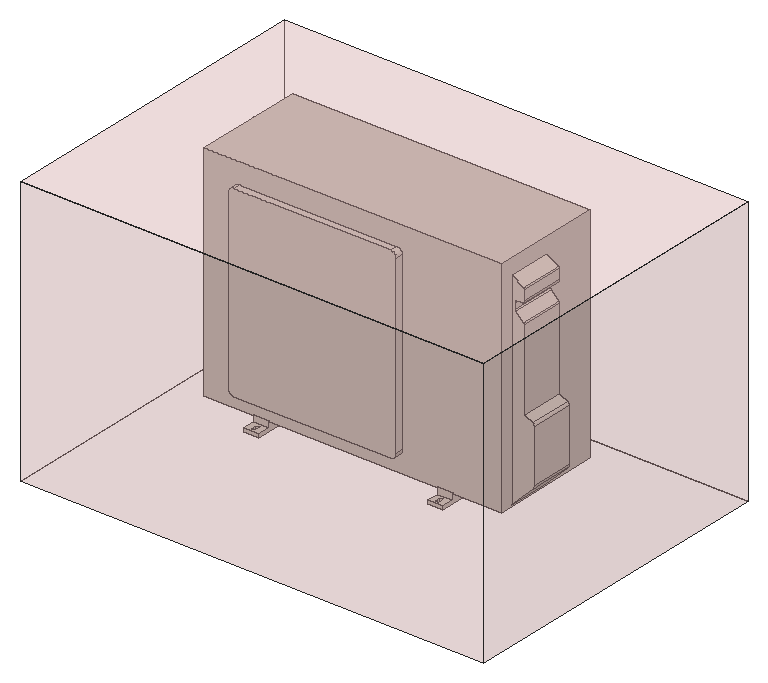
Revit family "PUZ-ZM35VKA2(-ET,ER)", category Mechanical Equipment, Revit 2018
Family settings
  Round Connector Dimension = Use Diameter
  Part Type = Normal
  OmniClass Number = 23.75.00.00
  OmniClass Title = Climate Control (HVAC)
  Work Plane-Based = No
  Always vertical = Yes
  Cut with Voids When Loaded = No
  Shared = No
  Room Calculation Point = No
Parameters (values of type "PUZ-ZM35VKA2(-ET,ER)")
  Width (mm)_ = "809"
  Width (in) = "31-13/16"
  Weight (lbs) = "101"
  Weight (kg) = "46"
  WarrantyStart = ""
  TagNumber = 0
  SerialNumber = 0
  ReplacementYear = ""
  Refrigerant piping :Pipe size O.D liquid (mm) = 6.350 mm
  Refrigerant piping :Pipe size O.D liquid (in) = "1/4"
  Refrigerant piping :Pipe size O.D gas (mm) = 12.700 mm
  Refrigerant piping :Pipe size O.D gas (in) = "1/2"
  Refrigerant control = "Linear expansion valve"
  Refrigerant charged (lbS) = "4.4"
  Refrigerant charged (kg) = "2.0"
  Refrigerant Piping length Between the indoor and outdoor unit(m) = "Maximum 50"
  Refrigerant Piping Height difference Between the indoor and outdoor unit(m) = "Maximum 30"
  Refrigerant Oil Charged (L) = "0.35"
  Refrigerant Oil (Model) = "FW68S"
  Model = "PUZ-ZM35VKA2(-ET,ER)"
  Voltage = 230 V
  URL = "http://www.mitsubishielectric.com/"
  Subcategory = "HVAC"
  Space View = yes
  Refrigerant type = "R32"
  Phase = 1
  Maxmum current (A) = 13 A
  Manufacturer = "Mitsubishi Electric Corporation"
  InstallationDate = ""
  Hertz = 50 Hz
  Height (mm)_ = "630"
  Height (in) = "24-13/16"
  Heating Sound pressure level (dB) = "46"
  Heat exchanger = "Plate fin coil"
  Fan drive = "Propeller fan"
  Fan No. = "1"
  Fan Motor Output (kW) = "0.046"
  Fan Airflow (m3/min) (CFM) = "45 (1590)"
  External Finish = "Munsell 3Y 7.8/1.1"
  Equip_description = ""
  Equip_No. = 0
  Equip_ID = ""
  Description_ = ""
  Description = "Outdoor unit"
  Depth (mm)_ = "300+20"
  Depth (in) = "11-13/16 + 25/32"
  Defrost method = "Reverse cycle"
  CreatedOn = ""
  CreatedBy = ""
  Crankcase heater (kW) = "-"
  Cooling Sound pressure level (dB) = "44"
  Connection method Outdoor side = "Flared"
  Connection method  Indoor side = "Flared"
  Compressor Starter type = "Inverter"
  Compressor Protection devices = "HP switch, Comp.surface thermistor"
  Compressor Motor Output (kW) = "1.0"
  Compressor Model = "SVB140FFSM"
  Compressor = "Hermetic"
  Category = ""
  Barcode = ""
  AssetIdentifier = ""
Reference planes
  plane 1 "Center (Front/Back)": y = 0
  plane 2 "Under": z = 0
  plane 3 "Center (Left/Right)": x = 0
  plane 4: x = -94.5
  plane 5 "Left": x = -404.5
  plane 6 "Right": x = 404.5
  plane 7: z = 320
  plane 8 "TOP": z = 630
  plane 9 "Back": y = 150
  plane 10 "Front": y = -150
  plane 11: y = 250
  plane 12: y = -650
  plane 13: x = -504.5
  plane 14: x = 754.5
  plane 15: y = 101.5
  plane 16: z = 730
  plane 17 "pipe": y = -35.5
  plane 18: z = 99.5
  plane 19: x = 434.5
  plane 20: through (4267.2, -35.5, 99.5) normal (0, -0.682, 0.7314)
  plane 21: through (4267.2, -10.925, 181.707) normal (0, 0.5736, -0.8192)
  plane 22: z = 164.5
Forms (mm)
  Extrusion 1, solid, material "Paint_3Y 7.8/ 1.1"
    sketch origin (24.944, 5.059, 0) x (1, 0, 0) y (0, 1, 0)
      loop
        line (-429.444, 144.941) -> (-429.444, -155.059) -> (379.556, -155.059) -> (379.556, 144.941) -> (-429.444, 144.941)
    from 26 to 630
  Extrusion 2, void
    sketch origin (-445.511, 150, 0) x (-1, 0, 0) y (0, 0, -1)
      loop
        line (-759.9, -45) -> (-759.9, -595.625) -> (-90.6, -595.625) -> (-90.6, -45) -> (-759.9, -45)
    from 0 to 20
  Extrusion 3, solid
    sketch origin (-369.6, 137.297, 45) x (1, 0, 0) y (0, 1, 0)
      loop
        circle (514.071, 12.703) r 1.954
      loop
        circle (354.071, 12.703) r 1.954
      loop
        circle (184.071, 12.703) r 1.954
      loop
        circle (23.993, 12.703) r 1.954
      loop
        circle (673.993, 12.703) r 1.954
    from 0 to 550.625
  Extrusion 4, solid
    sketch origin (-450.056, -7.644, 0) x (0, 1, 0) y (0, 0, 1)
      loop
        circle (157.644, 320.312) r 2
      loop
        circle (157.644, 451.312) r 2
      loop
        circle (157.644, 582.312) r 2
      loop
        circle (157.644, 189.312) r 2
      loop
        circle (157.644, 58.312) r 2
    from 95.145 to 764.445
  Extrusion 5, solid, material "Paint_3Y 7.8/ 1.1"
    sketch origin (24.944, -147.241, 0) x (1, 0, 0) y (0, 0, 1)
      loop
        line (379.556, 30) -> (439.627, 90.071)
        arc (439.627, 90.071) -> (441.795, 93.315) -> (442.556, 97.142) r 10
        line (442.556, 97.142) -> (442.556, 240.649)
        arc (442.556, 240.649) -> (441.217, 245.649) -> (437.556, 249.309) r 10
        line (437.556, 249.309) -> (415.575, 262) -> (415.575, 481.488)
        arc (415.575, 481.488) -> (415.195, 483.401) -> (414.111, 485.023) r 5
        line (414.111, 485.023) -> (392.291, 506.843)
        arc (392.291, 506.843) -> (391.207, 508.465) -> (390.827, 510.379) r 5
        line (390.827, 510.379) -> (390.827, 528.065)
        arc (390.827, 528.065) -> (392.291, 531.601) -> (395.827, 533.065) r 5
        line (395.827, 533.065) -> (410.575, 533.065)
        arc (410.575, 533.065) -> (414.111, 534.53) -> (415.575, 538.065) r 5
        line (415.575, 538.065) -> (415.575, 566.518)
        arc (415.575, 566.518) -> (414.906, 569.018) -> (413.075, 570.848) r 5
        line (413.075, 570.848) -> (379.556, 590.2) -> (379.556, 30)
    from -147.241 to -30.241
  Extrusion 6, solid
    sketch origin (404.5, 5.059, 5.7) x (0, 1, 0) y (0, 0, 1)
      loop
        line (-113.021, 551.079) -> (-113.021, 492) -> (-14.055, 492) -> (-14.055, 551.079) -> (-113.021, 551.079)
    from 0 to 5
  Extrusion 7, solid, material "Paint_3Y 7.8/ 1.1"
    sketch origin (0, 0, 0) x (1, 0, 0) y (0, 0, 1)
      loop
        line (-404.5, 605) -> (-404.5, 615) -> (-426.019, 610.175)
        arc (-426.019, 610.175) -> (-426.581, 609.824) -> (-426.8, 609.199) r 1
        line (-426.8, 609.199) -> (-426.8, 605) -> (-404.5, 605)
    from 50 to -50
  Extrusion 8, void
    sketch origin (0, -0.5, 0) x (1, 0, 0) y (0, 1, 0)
      loop
        circle (0, 102) r 21
    from 26 to 45
  Extrusion 9, solid
    sketch origin (0, 10.418, 6.27) x (0, -0.681998, 0.731354) y (1, 0, 0)
      loop
        circle (99.5, 434.5) r 6.35
    from -10 to 30
  Extrusion 10, solid
    sketch origin (0, 33.992, 12.952) x (0, -0.573576, 0.819152) y (1, 0, 0)
      loop
        circle (164, 434.5) r 3.175
    from -10 to 30
  Extrusion 11, solid, material "Paint_3Y 7.8/ 1.1"
    sketch origin (0, -150, 0) x (-1, 0, 0) y (0, 0, 1)
      loop
        line (307.5, 573) -> (-118.5, 573)
        arc (-118.5, 573) -> (-129.107, 568.607) -> (-133.5, 558) r 15
        line (-133.5, 558) -> (-133.5, 82)
        arc (-133.5, 82) -> (-129.107, 71.393) -> (-118.5, 67) r 15
        line (-118.5, 67) -> (307.5, 67)
        arc (307.5, 67) -> (318.107, 71.393) -> (322.5, 82) r 15
        line (322.5, 82) -> (322.5, 558)
        arc (322.5, 558) -> (318.107, 568.607) -> (307.5, 573) r 15
    from 0 to -20
  Extrusion 12, solid, material "Service space", visible <- "Space View"
    sketch origin (0, 0, 0) x (1, 0, 0) y (0, 1, 0)
      loop
        line (-504.5, 250) -> (-504.5, -650) -> (754.5, -650) -> (754.5, 250) -> (-504.5, 250)
    from 0 to 730
Cuts and joins
  Extrusion 2, Extrusion 8 cuts Extrusion 1
  Extrusion 2 cuts Extrusion 3
  Extrusion 2 cuts Extrusion 4
Lines and regions (mm)
  model lines
    curve 1: line (-334.5, 42, 630) -> (334.5, 42, 630)
    curve 2: line (-344.5, 92, 630) -> (-344.5, 52, 630)
    curve 3: line (334.5, 102, 630) -> (-334.5, 102, 630)
    curve 4: line (344.5, 92, 630) -> (344.5, 52, 630)
    curve 5: line (-334.5, -102, 630) -> (334.5, -102, 630)
    curve 6: line (-344.5, -52, 630) -> (-344.5, -92, 630)
    curve 7: line (334.5, -42, 630) -> (-334.5, -42, 630)
    curve 8: line (344.5, -52, 630) -> (344.5, -92, 630)
    curve 9: line (-334.5, -30, 630) -> (334.5, -30, 630)
    curve 10: line (-344.5, 20, 630) -> (-344.5, -20, 630)
    curve 11: line (334.5, 30, 630) -> (-334.5, 30, 630)
    curve 12: line (344.5, 20, 630) -> (344.5, -20, 630)
    curve 13: line (-364.487, -102, 630) -> (-364.487, 98.838, 630)
    curve 14: line (-354.534, 98.838, 630) -> (-354.534, -102, 630)
    curve 15: arc (334.5, 102, 630) -> (341.571, 99.071, 630) -> (344.5, 92, 630) r 10
    curve 16: arc (344.5, 52, 630) -> (341.571, 44.929, 630) -> (334.5, 42, 630) r 10
    curve 17: arc (-344.5, 92, 630) -> (-341.571, 99.071, 630) -> (-334.5, 102, 630) r 10
    curve 18: arc (-344.5, 52, 630) -> (-341.571, 44.929, 630) -> (-334.5, 42, 630) r 10
    curve 19: arc (-334.5, 30, 630) -> (-341.571, 27.071, 630) -> (-344.5, 20, 630) r 10
    curve 20: arc (-344.5, -20, 630) -> (-341.571, -27.071, 630) -> (-334.5, -30, 630) r 10
    curve 21: arc (-334.5, -42, 630) -> (-341.571, -44.929, 630) -> (-344.5, -52, 630) r 10
    curve 22: arc (-344.5, -92, 630) -> (-341.571, -99.071, 630) -> (-334.5, -102, 630) r 10
    curve 23: arc (334.5, 30, 630) -> (341.571, 27.071, 630) -> (344.5, 20, 630) r 10
    curve 24: arc (334.5, -30, 630) -> (341.571, -27.071, 630) -> (344.5, -20, 630) r 10
    curve 25: arc (334.5, -42, 630) -> (341.571, -44.929, 630) -> (344.5, -52, 630) r 10
    curve 26: arc (334.5, -102, 630) -> (341.571, -99.071, 630) -> (344.5, -92, 630) r 10
    curve 27: arc (-364.487, 98.838, 630) -> (-359.511, 103.814, 630) -> (-354.534, 98.838, 630) r 4.976
    curve 28: arc (-354.534, -102, 630) -> (-359.511, -106.976, 630) -> (-364.487, -102, 630) r 4.976
    curve 29: line (364.487, -102, 630) -> (364.487, 98.838, 630)
    curve 30: line (354.534, 98.838, 630) -> (354.534, -102, 630)
    curve 31: arc (364.487, 98.838, 630) -> (359.511, 103.814, 630) -> (354.534, 98.838, 630) r 4.976
    curve 32: arc (354.534, -102, 630) -> (359.511, -106.976, 630) -> (364.487, -102, 630) r 4.976
    curve 33: circle (-94.5, -170, 320) r 215 normal (0, 1, 0)
    curve 34: line (133.5, -170, 555) -> (-322.5, -170, 555)
    curve 35: line (133.5, -170, 461) -> (-322.5, -170, 461)
    curve 36: line (133.5, -170, 367) -> (-322.5, -170, 367)
    curve 37: line (133.5, -170, 273) -> (-322.5, -170, 273)
    curve 38: line (133.5, -170, 179) -> (-322.5, -170, 179)
    curve 39: line (133.5, -170, 85) -> (-322.5, -170, 85)
    curve 40: line (-316.5, -170, 70) -> (-316.5, -170, 570)
    curve 41: line (-304.5, -170, 67) -> (-304.5, -170, 573)
    curve 42: line (-292.5, -170, 67) -> (-292.5, -170, 573)
    curve 43: line (-280.5, -170, 67) -> (-280.5, -170, 573)
    curve 44: line (-268.5, -170, 67) -> (-268.5, -170, 573)
    curve 45: line (-256.5, -170, 67) -> (-256.5, -170, 573)
    curve 46: line (-244.5, -170, 67) -> (-244.5, -170, 573)
    curve 47: line (-232.5, -170, 67) -> (-232.5, -170, 573)
    curve 48: line (-220.5, -170, 67) -> (-220.5, -170, 573)
    curve 49: line (-208.5, -170, 67) -> (-208.5, -170, 573)
    curve 50: line (-196.5, -170, 67) -> (-196.5, -170, 573)
    curve 51: line (-184.5, -170, 67) -> (-184.5, -170, 573)
    curve 52: line (-172.5, -170, 67) -> (-172.5, -170, 573)
    curve 53: line (-160.5, -170, 67) -> (-160.5, -170, 573)
    curve 54: line (-148.5, -170, 67) -> (-148.5, -170, 573)
    curve 55: line (-136.5, -170, 67) -> (-136.5, -170, 573)
    curve 56: line (-124.5, -170, 67) -> (-124.5, -170, 573)
    curve 57: line (-112.5, -170, 67) -> (-112.5, -170, 573)
    curve 58: line (-100.5, -170, 67) -> (-100.5, -170, 573)
    curve 59: line (-88.5, -170, 67) -> (-88.5, -170, 573)
    curve 60: line (-76.5, -170, 67) -> (-76.5, -170, 573)
    curve 61: line (-64.5, -170, 67) -> (-64.5, -170, 573)
    curve 62: line (-52.5, -170, 67) -> (-52.5, -170, 573)
    curve 63: line (-40.5, -170, 67) -> (-40.5, -170, 573)
    curve 64: line (-28.5, -170, 67) -> (-28.5, -170, 573)
    curve 65: line (-16.5, -170, 67) -> (-16.5, -170, 573)
    curve 66: line (-4.5, -170, 67) -> (-4.5, -170, 573)
    curve 67: line (7.5, -170, 67) -> (7.5, -170, 573)
    curve 68: line (19.5, -170, 67) -> (19.5, -170, 573)
    curve 69: line (31.5, -170, 67) -> (31.5, -170, 573)
    curve 70: line (43.5, -170, 67) -> (43.5, -170, 573)
    curve 71: line (55.5, -170, 67) -> (55.5, -170, 573)
    curve 72: line (67.5, -170, 67) -> (67.5, -170, 573)
    curve 73: line (79.5, -170, 67) -> (79.5, -170, 573)
    curve 74: line (91.5, -170, 67) -> (91.5, -170, 573)
    curve 75: line (103.5, -170, 67) -> (103.5, -170, 573)
    curve 76: line (115.5, -170, 67) -> (115.5, -170, 573)
    curve 77: line (127.5, -170, 70) -> (127.5, -170, 570)
    curve 78: line (-404.5, 105, 74) -> (-404.5, 25, 74)
    curve 79: line (-404.5, 110, 65) -> (-404.5, 110, 69)
    curve 80: line (-404.5, 25, 60) -> (-404.5, 105, 60)
    curve 81: line (-404.5, 20, 69) -> (-404.5, 20, 65)
    curve 82: arc (-404.5, 105, 74) -> (-404.5, 108.536, 72.536) -> (-404.5, 110, 69) r 5
    curve 83: arc (-404.5, 110, 65) -> (-404.5, 108.536, 61.464) -> (-404.5, 105, 60) r 5
    curve 84: arc (-404.5, 25, 74) -> (-404.5, 21.464, 72.536) -> (-404.5, 20, 69) r 5
    curve 85: arc (-404.5, 20, 65) -> (-404.5, 21.464, 61.464) -> (-404.5, 25, 60) r 5
    curve 86: line (-404.5, 3, 74) -> (-404.5, -77, 74)
    curve 87: line (-404.5, 8, 65) -> (-404.5, 8, 69)
    curve 88: line (-404.5, -77, 60) -> (-404.5, 3, 60)
    curve 89: line (-404.5, -82, 69) -> (-404.5, -82, 65)
    curve 90: arc (-404.5, 3, 74) -> (-404.5, 6.536, 72.536) -> (-404.5, 8, 69) r 5
    curve 91: arc (-404.5, 8, 65) -> (-404.5, 6.536, 61.464) -> (-404.5, 3, 60) r 5
    curve 92: arc (-404.5, -77, 74) -> (-404.5, -80.536, 72.536) -> (-404.5, -82, 69) r 5
    curve 93: arc (-404.5, -82, 65) -> (-404.5, -80.536, 61.464) -> (-404.5, -77, 60) r 5
    curve 94: line (-404.5, 105, 94) -> (-404.5, 25, 94)
    curve 95: line (-404.5, 110, 85) -> (-404.5, 110, 89)
    curve 96: line (-404.5, 25, 80) -> (-404.5, 105, 80)
    curve 97: line (-404.5, 20, 89) -> (-404.5, 20, 85)
    curve 98: arc (-404.5, 105, 94) -> (-404.5, 108.536, 92.536) -> (-404.5, 110, 89) r 5
    curve 99: arc (-404.5, 110, 85) -> (-404.5, 108.536, 81.464) -> (-404.5, 105, 80) r 5
    curve 100: arc (-404.5, 25, 94) -> (-404.5, 21.464, 92.536) -> (-404.5, 20, 89) r 5
    curve 101: arc (-404.5, 20, 85) -> (-404.5, 21.464, 81.464) -> (-404.5, 25, 80) r 5
    curve 102: line (-404.5, 3, 94) -> (-404.5, -77, 94)
    curve 103: line (-404.5, 8, 85) -> (-404.5, 8, 89)
    curve 104: line (-404.5, -77, 80) -> (-404.5, 3, 80)
    curve 105: line (-404.5, -82, 89) -> (-404.5, -82, 85)
    curve 106: arc (-404.5, 3, 94) -> (-404.5, 6.536, 92.536) -> (-404.5, 8, 89) r 5
    curve 107: arc (-404.5, 8, 85) -> (-404.5, 6.536, 81.464) -> (-404.5, 3, 80) r 5
    curve 108: arc (-404.5, -77, 94) -> (-404.5, -80.536, 92.536) -> (-404.5, -82, 89) r 5
    curve 109: arc (-404.5, -82, 85) -> (-404.5, -80.536, 81.464) -> (-404.5, -77, 80) r 5
    curve 110: line (-404.5, 105, 114) -> (-404.5, 25, 114)
    curve 111: line (-404.5, 110, 105) -> (-404.5, 110, 109)
    curve 112: line (-404.5, 25, 100) -> (-404.5, 105, 100)
    curve 113: line (-404.5, 20, 109) -> (-404.5, 20, 105)
    curve 114: arc (-404.5, 105, 114) -> (-404.5, 108.536, 112.536) -> (-404.5, 110, 109) r 5
    curve 115: arc (-404.5, 110, 105) -> (-404.5, 108.536, 101.464) -> (-404.5, 105, 100) r 5
    curve 116: arc (-404.5, 25, 114) -> (-404.5, 21.464, 112.536) -> (-404.5, 20, 109) r 5
    curve 117: arc (-404.5, 20, 105) -> (-404.5, 21.464, 101.464) -> (-404.5, 25, 100) r 5
    curve 118: line (-404.5, 3, 114) -> (-404.5, -77, 114)
    curve 119: line (-404.5, 8, 105) -> (-404.5, 8, 109)
    curve 120: line (-404.5, -77, 100) -> (-404.5, 3, 100)
    curve 121: line (-404.5, -82, 109) -> (-404.5, -82, 105)
    curve 122: arc (-404.5, 3, 114) -> (-404.5, 6.536, 112.536) -> (-404.5, 8, 109) r 5
    curve 123: arc (-404.5, 8, 105) -> (-404.5, 6.536, 101.464) -> (-404.5, 3, 100) r 5
    curve 124: arc (-404.5, -77, 114) -> (-404.5, -80.536, 112.536) -> (-404.5, -82, 109) r 5
    curve 125: arc (-404.5, -82, 105) -> (-404.5, -80.536, 101.464) -> (-404.5, -77, 100) r 5
    curve 126: line (-404.5, 105, 134) -> (-404.5, 25, 134)
    curve 127: line (-404.5, 110, 125) -> (-404.5, 110, 129)
    curve 128: line (-404.5, 25, 120) -> (-404.5, 105, 120)
    curve 129: line (-404.5, 20, 129) -> (-404.5, 20, 125)
    curve 130: arc (-404.5, 105, 134) -> (-404.5, 108.536, 132.536) -> (-404.5, 110, 129) r 5
    curve 131: arc (-404.5, 110, 125) -> (-404.5, 108.536, 121.464) -> (-404.5, 105, 120) r 5
    curve 132: arc (-404.5, 25, 134) -> (-404.5, 21.464, 132.536) -> (-404.5, 20, 129) r 5
    curve 133: arc (-404.5, 20, 125) -> (-404.5, 21.464, 121.464) -> (-404.5, 25, 120) r 5
    curve 134: line (-404.5, 3, 134) -> (-404.5, -77, 134)
    curve 135: line (-404.5, 8, 125) -> (-404.5, 8, 129)
    curve 136: line (-404.5, -77, 120) -> (-404.5, 3, 120)
    curve 137: line (-404.5, -82, 129) -> (-404.5, -82, 125)
    curve 138: arc (-404.5, 3, 134) -> (-404.5, 6.536, 132.536) -> (-404.5, 8, 129) r 5
    curve 139: arc (-404.5, 8, 125) -> (-404.5, 6.536, 121.464) -> (-404.5, 3, 120) r 5
    curve 140: arc (-404.5, -77, 134) -> (-404.5, -80.536, 132.536) -> (-404.5, -82, 129) r 5
    curve 141: arc (-404.5, -82, 125) -> (-404.5, -80.536, 121.464) -> (-404.5, -77, 120) r 5
    curve 142: line (-404.5, 105, 154) -> (-404.5, 25, 154)
    curve 143: line (-404.5, 110, 145) -> (-404.5, 110, 149)
    curve 144: line (-404.5, 25, 140) -> (-404.5, 105, 140)
    curve 145: line (-404.5, 20, 149) -> (-404.5, 20, 145)
    curve 146: arc (-404.5, 105, 154) -> (-404.5, 108.536, 152.536) -> (-404.5, 110, 149) r 5
    curve 147: arc (-404.5, 110, 145) -> (-404.5, 108.536, 141.464) -> (-404.5, 105, 140) r 5
    curve 148: arc (-404.5, 25, 154) -> (-404.5, 21.464, 152.536) -> (-404.5, 20, 149) r 5
    curve 149: arc (-404.5, 20, 145) -> (-404.5, 21.464, 141.464) -> (-404.5, 25, 140) r 5
    curve 150: line (-404.5, 3, 154) -> (-404.5, -77, 154)
    curve 151: line (-404.5, 8, 145) -> (-404.5, 8, 149)
    curve 152: line (-404.5, -77, 140) -> (-404.5, 3, 140)
    curve 153: line (-404.5, -82, 149) -> (-404.5, -82, 145)
    curve 154: arc (-404.5, 3, 154) -> (-404.5, 6.536, 152.536) -> (-404.5, 8, 149) r 5
    curve 155: arc (-404.5, 8, 145) -> (-404.5, 6.536, 141.464) -> (-404.5, 3, 140) r 5
    curve 156: arc (-404.5, -77, 154) -> (-404.5, -80.536, 152.536) -> (-404.5, -82, 149) r 5
    curve 157: arc (-404.5, -82, 145) -> (-404.5, -80.536, 141.464) -> (-404.5, -77, 140) r 5
    curve 158: line (-404.5, 105, 174) -> (-404.5, 25, 174)
    curve 159: line (-404.5, 110, 165) -> (-404.5, 110, 169)
    curve 160: line (-404.5, 25, 160) -> (-404.5, 105, 160)
    curve 161: line (-404.5, 20, 169) -> (-404.5, 20, 165)
    curve 162: arc (-404.5, 105, 174) -> (-404.5, 108.536, 172.536) -> (-404.5, 110, 169) r 5
    curve 163: arc (-404.5, 110, 165) -> (-404.5, 108.536, 161.464) -> (-404.5, 105, 160) r 5
    curve 164: arc (-404.5, 25, 174) -> (-404.5, 21.464, 172.536) -> (-404.5, 20, 169) r 5
    curve 165: arc (-404.5, 20, 165) -> (-404.5, 21.464, 161.464) -> (-404.5, 25, 160) r 5
    curve 166: line (-404.5, 3, 174) -> (-404.5, -77, 174)
    curve 167: line (-404.5, 8, 165) -> (-404.5, 8, 169)
    curve 168: line (-404.5, -77, 160) -> (-404.5, 3, 160)
    curve 169: line (-404.5, -82, 169) -> (-404.5, -82, 165)
    curve 170: arc (-404.5, 3, 174) -> (-404.5, 6.536, 172.536) -> (-404.5, 8, 169) r 5
    curve 171: arc (-404.5, 8, 165) -> (-404.5, 6.536, 161.464) -> (-404.5, 3, 160) r 5
    curve 172: arc (-404.5, -77, 174) -> (-404.5, -80.536, 172.536) -> (-404.5, -82, 169) r 5
    curve 173: arc (-404.5, -82, 165) -> (-404.5, -80.536, 161.464) -> (-404.5, -77, 160) r 5
    curve 174: line (-404.5, 105, 194) -> (-404.5, 25, 194)
    curve 175: line (-404.5, 110, 185) -> (-404.5, 110, 189)
    curve 176: line (-404.5, 25, 180) -> (-404.5, 105, 180)
    curve 177: line (-404.5, 20, 189) -> (-404.5, 20, 185)
    curve 178: arc (-404.5, 105, 194) -> (-404.5, 108.536, 192.536) -> (-404.5, 110, 189) r 5
    curve 179: arc (-404.5, 110, 185) -> (-404.5, 108.536, 181.464) -> (-404.5, 105, 180) r 5
    curve 180: arc (-404.5, 25, 194) -> (-404.5, 21.464, 192.536) -> (-404.5, 20, 189) r 5
    curve 181: arc (-404.5, 20, 185) -> (-404.5, 21.464, 181.464) -> (-404.5, 25, 180) r 5
    curve 182: line (-404.5, 3, 194) -> (-404.5, -77, 194)
    curve 183: line (-404.5, 8, 185) -> (-404.5, 8, 189)
    curve 184: line (-404.5, -77, 180) -> (-404.5, 3, 180)
    curve 185: line (-404.5, -82, 189) -> (-404.5, -82, 185)
    curve 186: arc (-404.5, 3, 194) -> (-404.5, 6.536, 192.536) -> (-404.5, 8, 189) r 5
    curve 187: arc (-404.5, 8, 185) -> (-404.5, 6.536, 181.464) -> (-404.5, 3, 180) r 5
    curve 188: arc (-404.5, -77, 194) -> (-404.5, -80.536, 192.536) -> (-404.5, -82, 189) r 5
    curve 189: arc (-404.5, -82, 185) -> (-404.5, -80.536, 181.464) -> (-404.5, -77, 180) r 5
    curve 190: line (-404.5, 105, 214) -> (-404.5, 25, 214)
    curve 191: line (-404.5, 110, 205) -> (-404.5, 110, 209)
    curve 192: line (-404.5, 25, 200) -> (-404.5, 105, 200)
    curve 193: line (-404.5, 20, 209) -> (-404.5, 20, 205)
    curve 194: arc (-404.5, 105, 214) -> (-404.5, 108.536, 212.536) -> (-404.5, 110, 209) r 5
    curve 195: arc (-404.5, 110, 205) -> (-404.5, 108.536, 201.464) -> (-404.5, 105, 200) r 5
    curve 196: arc (-404.5, 25, 214) -> (-404.5, 21.464, 212.536) -> (-404.5, 20, 209) r 5
    curve 197: arc (-404.5, 20, 205) -> (-404.5, 21.464, 201.464) -> (-404.5, 25, 200) r 5
    curve 198: line (-404.5, 3, 214) -> (-404.5, -77, 214)
    curve 199: line (-404.5, 8, 205) -> (-404.5, 8, 209)
    curve 200: line (-404.5, -77, 200) -> (-404.5, 3, 200)
    curve 201: line (-404.5, -82, 209) -> (-404.5, -82, 205)
    curve 202: arc (-404.5, 3, 214) -> (-404.5, 6.536, 212.536) -> (-404.5, 8, 209) r 5
    curve 203: arc (-404.5, 8, 205) -> (-404.5, 6.536, 201.464) -> (-404.5, 3, 200) r 5
    curve 204: arc (-404.5, -77, 214) -> (-404.5, -80.536, 212.536) -> (-404.5, -82, 209) r 5
    curve 205: arc (-404.5, -82, 205) -> (-404.5, -80.536, 201.464) -> (-404.5, -77, 200) r 5
    curve 206: line (-404.5, 105, 234) -> (-404.5, 25, 234)
    curve 207: line (-404.5, 110, 225) -> (-404.5, 110, 229)
    curve 208: line (-404.5, 25, 220) -> (-404.5, 105, 220)
    curve 209: line (-404.5, 20, 229) -> (-404.5, 20, 225)
    curve 210: arc (-404.5, 105, 234) -> (-404.5, 108.536, 232.536) -> (-404.5, 110, 229) r 5
    curve 211: arc (-404.5, 110, 225) -> (-404.5, 108.536, 221.464) -> (-404.5, 105, 220) r 5
    curve 212: arc (-404.5, 25, 234) -> (-404.5, 21.464, 232.536) -> (-404.5, 20, 229) r 5
    curve 213: arc (-404.5, 20, 225) -> (-404.5, 21.464, 221.464) -> (-404.5, 25, 220) r 5
    curve 214: line (-404.5, 3, 234) -> (-404.5, -77, 234)
    curve 215: line (-404.5, 8, 225) -> (-404.5, 8, 229)
    curve 216: line (-404.5, -77, 220) -> (-404.5, 3, 220)
    curve 217: line (-404.5, -82, 229) -> (-404.5, -82, 225)
    curve 218: arc (-404.5, 3, 234) -> (-404.5, 6.536, 232.536) -> (-404.5, 8, 229) r 5
    curve 219: arc (-404.5, 8, 225) -> (-404.5, 6.536, 221.464) -> (-404.5, 3, 220) r 5
    curve 220: arc (-404.5, -77, 234) -> (-404.5, -80.536, 232.536) -> (-404.5, -82, 229) r 5
    curve 221: arc (-404.5, -82, 225) -> (-404.5, -80.536, 221.464) -> (-404.5, -77, 220) r 5
    curve 222: line (-404.5, 105, 254) -> (-404.5, 25, 254)
    curve 223: line (-404.5, 110, 245) -> (-404.5, 110, 249)
    curve 224: line (-404.5, 25, 240) -> (-404.5, 105, 240)
    curve 225: line (-404.5, 20, 249) -> (-404.5, 20, 245)
    curve 226: arc (-404.5, 105, 254) -> (-404.5, 108.536, 252.536) -> (-404.5, 110, 249) r 5
    curve 227: arc (-404.5, 110, 245) -> (-404.5, 108.536, 241.464) -> (-404.5, 105, 240) r 5
    curve 228: arc (-404.5, 25, 254) -> (-404.5, 21.464, 252.536) -> (-404.5, 20, 249) r 5
    curve 229: arc (-404.5, 20, 245) -> (-404.5, 21.464, 241.464) -> (-404.5, 25, 240) r 5
    curve 230: line (-404.5, 3, 254) -> (-404.5, -77, 254)
    curve 231: line (-404.5, 8, 245) -> (-404.5, 8, 249)
    curve 232: line (-404.5, -77, 240) -> (-404.5, 3, 240)
    curve 233: line (-404.5, -82, 249) -> (-404.5, -82, 245)
    curve 234: arc (-404.5, 3, 254) -> (-404.5, 6.536, 252.536) -> (-404.5, 8, 249) r 5
    curve 235: arc (-404.5, 8, 245) -> (-404.5, 6.536, 241.464) -> (-404.5, 3, 240) r 5
    curve 236: arc (-404.5, -77, 254) -> (-404.5, -80.536, 252.536) -> (-404.5, -82, 249) r 5
    curve 237: arc (-404.5, -82, 245) -> (-404.5, -80.536, 241.464) -> (-404.5, -77, 240) r 5
    curve 238: line (-404.5, 105, 274) -> (-404.5, 25, 274)
    curve 239: line (-404.5, 110, 265) -> (-404.5, 110, 269)
    curve 240: line (-404.5, 25, 260) -> (-404.5, 105, 260)
    curve 241: line (-404.5, 20, 269) -> (-404.5, 20, 265)
    curve 242: arc (-404.5, 105, 274) -> (-404.5, 108.536, 272.536) -> (-404.5, 110, 269) r 5
    curve 243: arc (-404.5, 110, 265) -> (-404.5, 108.536, 261.464) -> (-404.5, 105, 260) r 5
    curve 244: arc (-404.5, 25, 274) -> (-404.5, 21.464, 272.536) -> (-404.5, 20, 269) r 5
    curve 245: arc (-404.5, 20, 265) -> (-404.5, 21.464, 261.464) -> (-404.5, 25, 260) r 5
    curve 246: line (-404.5, 3, 274) -> (-404.5, -77, 274)
    curve 247: line (-404.5, 8, 265) -> (-404.5, 8, 269)
    curve 248: line (-404.5, -77, 260) -> (-404.5, 3, 260)
    curve 249: line (-404.5, -82, 269) -> (-404.5, -82, 265)
    curve 250: arc (-404.5, 3, 274) -> (-404.5, 6.536, 272.536) -> (-404.5, 8, 269) r 5
    curve 251: arc (-404.5, 8, 265) -> (-404.5, 6.536, 261.464) -> (-404.5, 3, 260) r 5
    curve 252: arc (-404.5, -77, 274) -> (-404.5, -80.536, 272.536) -> (-404.5, -82, 269) r 5
    curve 253: arc (-404.5, -82, 265) -> (-404.5, -80.536, 261.464) -> (-404.5, -77, 260) r 5
    curve 254: line (-404.5, 105, 294) -> (-404.5, 25, 294)
    curve 255: line (-404.5, 110, 285) -> (-404.5, 110, 289)
    curve 256: line (-404.5, 25, 280) -> (-404.5, 105, 280)
    curve 257: line (-404.5, 20, 289) -> (-404.5, 20, 285)
    curve 258: arc (-404.5, 105, 294) -> (-404.5, 108.536, 292.536) -> (-404.5, 110, 289) r 5
    curve 259: arc (-404.5, 110, 285) -> (-404.5, 108.536, 281.464) -> (-404.5, 105, 280) r 5
    curve 260: arc (-404.5, 25, 294) -> (-404.5, 21.464, 292.536) -> (-404.5, 20, 289) r 5
    curve 261: arc (-404.5, 20, 285) -> (-404.5, 21.464, 281.464) -> (-404.5, 25, 280) r 5
    curve 262: line (-404.5, 3, 294) -> (-404.5, -77, 294)
    curve 263: line (-404.5, 8, 285) -> (-404.5, 8, 289)
    curve 264: line (-404.5, -77, 280) -> (-404.5, 3, 280)
    curve 265: line (-404.5, -82, 289) -> (-404.5, -82, 285)
    curve 266: arc (-404.5, 3, 294) -> (-404.5, 6.536, 292.536) -> (-404.5, 8, 289) r 5
    curve 267: arc (-404.5, 8, 285) -> (-404.5, 6.536, 281.464) -> (-404.5, 3, 280) r 5
    curve 268: arc (-404.5, -77, 294) -> (-404.5, -80.536, 292.536) -> (-404.5, -82, 289) r 5
    curve 269: arc (-404.5, -82, 285) -> (-404.5, -80.536, 281.464) -> (-404.5, -77, 280) r 5
    curve 270: line (-404.5, 105, 314) -> (-404.5, 25, 314)
    curve 271: line (-404.5, 110, 305) -> (-404.5, 110, 309)
    curve 272: line (-404.5, 25, 300) -> (-404.5, 105, 300)
    curve 273: line (-404.5, 20, 309) -> (-404.5, 20, 305)
    curve 274: arc (-404.5, 105, 314) -> (-404.5, 108.536, 312.536) -> (-404.5, 110, 309) r 5
    curve 275: arc (-404.5, 110, 305) -> (-404.5, 108.536, 301.464) -> (-404.5, 105, 300) r 5
    curve 276: arc (-404.5, 25, 314) -> (-404.5, 21.464, 312.536) -> (-404.5, 20, 309) r 5
    curve 277: arc (-404.5, 20, 305) -> (-404.5, 21.464, 301.464) -> (-404.5, 25, 300) r 5
    curve 278: line (-404.5, 3, 314) -> (-404.5, -77, 314)
    curve 279: line (-404.5, 8, 305) -> (-404.5, 8, 309)
    curve 280: line (-404.5, -77, 300) -> (-404.5, 3, 300)
    curve 281: line (-404.5, -82, 309) -> (-404.5, -82, 305)
    curve 282: arc (-404.5, 3, 314) -> (-404.5, 6.536, 312.536) -> (-404.5, 8, 309) r 5
    curve 283: arc (-404.5, 8, 305) -> (-404.5, 6.536, 301.464) -> (-404.5, 3, 300) r 5
    curve 284: arc (-404.5, -77, 314) -> (-404.5, -80.536, 312.536) -> (-404.5, -82, 309) r 5
    curve 285: arc (-404.5, -82, 305) -> (-404.5, -80.536, 301.464) -> (-404.5, -77, 300) r 5
    curve 286: line (-404.5, 105, 334) -> (-404.5, 25, 334)
    curve 287: line (-404.5, 110, 325) -> (-404.5, 110, 329)
    curve 288: line (-404.5, 25, 320) -> (-404.5, 105, 320)
    curve 289: line (-404.5, 20, 329) -> (-404.5, 20, 325)
    curve 290: arc (-404.5, 105, 334) -> (-404.5, 108.536, 332.536) -> (-404.5, 110, 329) r 5
    curve 291: arc (-404.5, 110, 325) -> (-404.5, 108.536, 321.464) -> (-404.5, 105, 320) r 5
    curve 292: arc (-404.5, 25, 334) -> (-404.5, 21.464, 332.536) -> (-404.5, 20, 329) r 5
    curve 293: arc (-404.5, 20, 325) -> (-404.5, 21.464, 321.464) -> (-404.5, 25, 320) r 5
    curve 294: line (-404.5, 3, 334) -> (-404.5, -77, 334)
    curve 295: line (-404.5, 8, 325) -> (-404.5, 8, 329)
    curve 296: line (-404.5, -77, 320) -> (-404.5, 3, 320)
    curve 297: line (-404.5, -82, 329) -> (-404.5, -82, 325)
    curve 298: arc (-404.5, 3, 334) -> (-404.5, 6.536, 332.536) -> (-404.5, 8, 329) r 5
    curve 299: arc (-404.5, 8, 325) -> (-404.5, 6.536, 321.464) -> (-404.5, 3, 320) r 5
    curve 300: arc (-404.5, -77, 334) -> (-404.5, -80.536, 332.536) -> (-404.5, -82, 329) r 5
    curve 301: arc (-404.5, -82, 325) -> (-404.5, -80.536, 321.464) -> (-404.5, -77, 320) r 5
    curve 302: line (-404.5, 105, 354) -> (-404.5, 25, 354)
    curve 303: line (-404.5, 110, 345) -> (-404.5, 110, 349)
    curve 304: line (-404.5, 25, 340) -> (-404.5, 105, 340)
    curve 305: line (-404.5, 20, 349) -> (-404.5, 20, 345)
    curve 306: arc (-404.5, 105, 354) -> (-404.5, 108.536, 352.536) -> (-404.5, 110, 349) r 5
    curve 307: arc (-404.5, 110, 345) -> (-404.5, 108.536, 341.464) -> (-404.5, 105, 340) r 5
    curve 308: arc (-404.5, 25, 354) -> (-404.5, 21.464, 352.536) -> (-404.5, 20, 349) r 5
    curve 309: arc (-404.5, 20, 345) -> (-404.5, 21.464, 341.464) -> (-404.5, 25, 340) r 5
    curve 310: line (-404.5, 3, 354) -> (-404.5, -77, 354)
    curve 311: line (-404.5, 8, 345) -> (-404.5, 8, 349)
    curve 312: line (-404.5, -77, 340) -> (-404.5, 3, 340)
    curve 313: line (-404.5, -82, 349) -> (-404.5, -82, 345)
    curve 314: arc (-404.5, 3, 354) -> (-404.5, 6.536, 352.536) -> (-404.5, 8, 349) r 5
    curve 315: arc (-404.5, 8, 345) -> (-404.5, 6.536, 341.464) -> (-404.5, 3, 340) r 5
    curve 316: arc (-404.5, -77, 354) -> (-404.5, -80.536, 352.536) -> (-404.5, -82, 349) r 5
    curve 317: arc (-404.5, -82, 345) -> (-404.5, -80.536, 341.464) -> (-404.5, -77, 340) r 5
    curve 318: line (-404.5, 105, 374) -> (-404.5, 25, 374)
    curve 319: line (-404.5, 110, 365) -> (-404.5, 110, 369)
    curve 320: line (-404.5, 25, 360) -> (-404.5, 105, 360)
    curve 321: line (-404.5, 20, 369) -> (-404.5, 20, 365)
    curve 322: arc (-404.5, 105, 374) -> (-404.5, 108.536, 372.536) -> (-404.5, 110, 369) r 5
    curve 323: arc (-404.5, 110, 365) -> (-404.5, 108.536, 361.464) -> (-404.5, 105, 360) r 5
    curve 324: arc (-404.5, 25, 374) -> (-404.5, 21.464, 372.536) -> (-404.5, 20, 369) r 5
    curve 325: arc (-404.5, 20, 365) -> (-404.5, 21.464, 361.464) -> (-404.5, 25, 360) r 5
    curve 326: line (-404.5, 3, 374) -> (-404.5, -77, 374)
    curve 327: line (-404.5, 8, 365) -> (-404.5, 8, 369)
    curve 328: line (-404.5, -77, 360) -> (-404.5, 3, 360)
    curve 329: line (-404.5, -82, 369) -> (-404.5, -82, 365)
    curve 330: arc (-404.5, 3, 374) -> (-404.5, 6.536, 372.536) -> (-404.5, 8, 369) r 5
    curve 331: arc (-404.5, 8, 365) -> (-404.5, 6.536, 361.464) -> (-404.5, 3, 360) r 5
    curve 332: arc (-404.5, -77, 374) -> (-404.5, -80.536, 372.536) -> (-404.5, -82, 369) r 5
    curve 333: arc (-404.5, -82, 365) -> (-404.5, -80.536, 361.464) -> (-404.5, -77, 360) r 5
    curve 334: line (-404.5, 105, 394) -> (-404.5, 25, 394)
    curve 335: line (-404.5, 110, 385) -> (-404.5, 110, 389)
    curve 336: line (-404.5, 25, 380) -> (-404.5, 105, 380)
    curve 337: line (-404.5, 20, 389) -> (-404.5, 20, 385)
    curve 338: arc (-404.5, 105, 394) -> (-404.5, 108.536, 392.536) -> (-404.5, 110, 389) r 5
    curve 339: arc (-404.5, 110, 385) -> (-404.5, 108.536, 381.464) -> (-404.5, 105, 380) r 5
    curve 340: arc (-404.5, 25, 394) -> (-404.5, 21.464, 392.536) -> (-404.5, 20, 389) r 5
    curve 341: arc (-404.5, 20, 385) -> (-404.5, 21.464, 381.464) -> (-404.5, 25, 380) r 5
    curve 342: line (-404.5, 3, 394) -> (-404.5, -77, 394)
    curve 343: line (-404.5, 8, 385) -> (-404.5, 8, 389)
    curve 344: line (-404.5, -77, 380) -> (-404.5, 3, 380)
    curve 345: line (-404.5, -82, 389) -> (-404.5, -82, 385)
    curve 346: arc (-404.5, 3, 394) -> (-404.5, 6.536, 392.536) -> (-404.5, 8, 389) r 5
    curve 347: arc (-404.5, 8, 385) -> (-404.5, 6.536, 381.464) -> (-404.5, 3, 380) r 5
    curve 348: arc (-404.5, -77, 394) -> (-404.5, -80.536, 392.536) -> (-404.5, -82, 389) r 5
    curve 349: arc (-404.5, -82, 385) -> (-404.5, -80.536, 381.464) -> (-404.5, -77, 380) r 5
    curve 350: line (-404.5, 105, 414) -> (-404.5, 25, 414)
    curve 351: line (-404.5, 110, 405) -> (-404.5, 110, 409)
    curve 352: line (-404.5, 25, 400) -> (-404.5, 105, 400)
    curve 353: line (-404.5, 20, 409) -> (-404.5, 20, 405)
    curve 354: arc (-404.5, 105, 414) -> (-404.5, 108.536, 412.536) -> (-404.5, 110, 409) r 5
    curve 355: arc (-404.5, 110, 405) -> (-404.5, 108.536, 401.464) -> (-404.5, 105, 400) r 5
    curve 356: arc (-404.5, 25, 414) -> (-404.5, 21.464, 412.536) -> (-404.5, 20, 409) r 5
    curve 357: arc (-404.5, 20, 405) -> (-404.5, 21.464, 401.464) -> (-404.5, 25, 400) r 5
    curve 358: line (-404.5, 3, 414) -> (-404.5, -77, 414)
    curve 359: line (-404.5, 8, 405) -> (-404.5, 8, 409)
    curve 360: line (-404.5, -77, 400) -> (-404.5, 3, 400)
    curve 361: line (-404.5, -82, 409) -> (-404.5, -82, 405)
    curve 362: arc (-404.5, 3, 414) -> (-404.5, 6.536, 412.536) -> (-404.5, 8, 409) r 5
    curve 363: arc (-404.5, 8, 405) -> (-404.5, 6.536, 401.464) -> (-404.5, 3, 400) r 5
    curve 364: arc (-404.5, -77, 414) -> (-404.5, -80.536, 412.536) -> (-404.5, -82, 409) r 5
    curve 365: arc (-404.5, -82, 405) -> (-404.5, -80.536, 401.464) -> (-404.5, -77, 400) r 5
    curve 366: line (-404.5, 105, 434) -> (-404.5, 25, 434)
    curve 367: line (-404.5, 110, 425) -> (-404.5, 110, 429)
    curve 368: line (-404.5, 25, 420) -> (-404.5, 105, 420)
    curve 369: line (-404.5, 20, 429) -> (-404.5, 20, 425)
    curve 370: arc (-404.5, 105, 434) -> (-404.5, 108.536, 432.536) -> (-404.5, 110, 429) r 5
    curve 371: arc (-404.5, 110, 425) -> (-404.5, 108.536, 421.464) -> (-404.5, 105, 420) r 5
    curve 372: arc (-404.5, 25, 434) -> (-404.5, 21.464, 432.536) -> (-404.5, 20, 429) r 5
    curve 373: arc (-404.5, 20, 425) -> (-404.5, 21.464, 421.464) -> (-404.5, 25, 420) r 5
    curve 374: line (-404.5, 3, 434) -> (-404.5, -77, 434)
    curve 375: line (-404.5, 8, 425) -> (-404.5, 8, 429)
    curve 376: line (-404.5, -77, 420) -> (-404.5, 3, 420)
    curve 377: line (-404.5, -82, 429) -> (-404.5, -82, 425)
    curve 378: arc (-404.5, 3, 434) -> (-404.5, 6.536, 432.536) -> (-404.5, 8, 429) r 5
    curve 379: arc (-404.5, 8, 425) -> (-404.5, 6.536, 421.464) -> (-404.5, 3, 420) r 5
    curve 380: arc (-404.5, -77, 434) -> (-404.5, -80.536, 432.536) -> (-404.5, -82, 429) r 5
    curve 381: arc (-404.5, -82, 425) -> (-404.5, -80.536, 421.464) -> (-404.5, -77, 420) r 5
    curve 382: line (-404.5, 105, 454) -> (-404.5, 25, 454)
    curve 383: line (-404.5, 110, 445) -> (-404.5, 110, 449)
    curve 384: line (-404.5, 25, 440) -> (-404.5, 105, 440)
    curve 385: line (-404.5, 20, 449) -> (-404.5, 20, 445)
    curve 386: arc (-404.5, 105, 454) -> (-404.5, 108.536, 452.536) -> (-404.5, 110, 449) r 5
    curve 387: arc (-404.5, 110, 445) -> (-404.5, 108.536, 441.464) -> (-404.5, 105, 440) r 5
    curve 388: arc (-404.5, 25, 454) -> (-404.5, 21.464, 452.536) -> (-404.5, 20, 449) r 5
    curve 389: arc (-404.5, 20, 445) -> (-404.5, 21.464, 441.464) -> (-404.5, 25, 440) r 5
    curve 390: line (-404.5, 3, 454) -> (-404.5, -77, 454)
    curve 391: line (-404.5, 8, 445) -> (-404.5, 8, 449)
    curve 392: line (-404.5, -77, 440) -> (-404.5, 3, 440)
    curve 393: line (-404.5, -82, 449) -> (-404.5, -82, 445)
    curve 394: arc (-404.5, 3, 454) -> (-404.5, 6.536, 452.536) -> (-404.5, 8, 449) r 5
    curve 395: arc (-404.5, 8, 445) -> (-404.5, 6.536, 441.464) -> (-404.5, 3, 440) r 5
    curve 396: arc (-404.5, -77, 454) -> (-404.5, -80.536, 452.536) -> (-404.5, -82, 449) r 5
    curve 397: arc (-404.5, -82, 445) -> (-404.5, -80.536, 441.464) -> (-404.5, -77, 440) r 5
    curve 398: line (-404.5, 105, 474) -> (-404.5, 25, 474)
    curve 399: line (-404.5, 110, 465) -> (-404.5, 110, 469)
    curve 400: line (-404.5, 25, 460) -> (-404.5, 105, 460)
    curve 401: line (-404.5, 20, 469) -> (-404.5, 20, 465)
    curve 402: arc (-404.5, 105, 474) -> (-404.5, 108.536, 472.536) -> (-404.5, 110, 469) r 5
    curve 403: arc (-404.5, 110, 465) -> (-404.5, 108.536, 461.464) -> (-404.5, 105, 460) r 5
    curve 404: arc (-404.5, 25, 474) -> (-404.5, 21.464, 472.536) -> (-404.5, 20, 469) r 5
    curve 405: arc (-404.5, 20, 465) -> (-404.5, 21.464, 461.464) -> (-404.5, 25, 460) r 5
    curve 406: line (-404.5, 3, 474) -> (-404.5, -77, 474)
    curve 407: line (-404.5, 8, 465) -> (-404.5, 8, 469)
    curve 408: line (-404.5, -77, 460) -> (-404.5, 3, 460)
    curve 409: line (-404.5, -82, 469) -> (-404.5, -82, 465)
    curve 410: arc (-404.5, 3, 474) -> (-404.5, 6.536, 472.536) -> (-404.5, 8, 469) r 5
    curve 411: arc (-404.5, 8, 465) -> (-404.5, 6.536, 461.464) -> (-404.5, 3, 460) r 5
    curve 412: arc (-404.5, -77, 474) -> (-404.5, -80.536, 472.536) -> (-404.5, -82, 469) r 5
    curve 413: arc (-404.5, -82, 465) -> (-404.5, -80.536, 461.464) -> (-404.5, -77, 460) r 5
    curve 414: line (-404.5, 105, 494) -> (-404.5, 25, 494)
    curve 415: line (-404.5, 110, 485) -> (-404.5, 110, 489)
    curve 416: line (-404.5, 25, 480) -> (-404.5, 105, 480)
    curve 417: line (-404.5, 20, 489) -> (-404.5, 20, 485)
    curve 418: arc (-404.5, 105, 494) -> (-404.5, 108.536, 492.536) -> (-404.5, 110, 489) r 5
    curve 419: arc (-404.5, 110, 485) -> (-404.5, 108.536, 481.464) -> (-404.5, 105, 480) r 5
    curve 420: arc (-404.5, 25, 494) -> (-404.5, 21.464, 492.536) -> (-404.5, 20, 489) r 5
    curve 421: arc (-404.5, 20, 485) -> (-404.5, 21.464, 481.464) -> (-404.5, 25, 480) r 5
    curve 422: line (-404.5, 3, 494) -> (-404.5, -77, 494)
    curve 423: line (-404.5, 8, 485) -> (-404.5, 8, 489)
    curve 424: line (-404.5, -77, 480) -> (-404.5, 3, 480)
    curve 425: line (-404.5, -82, 489) -> (-404.5, -82, 485)
    curve 426: arc (-404.5, 3, 494) -> (-404.5, 6.536, 492.536) -> (-404.5, 8, 489) r 5
    curve 427: arc (-404.5, 8, 485) -> (-404.5, 6.536, 481.464) -> (-404.5, 3, 480) r 5
    curve 428: arc (-404.5, -77, 494) -> (-404.5, -80.536, 492.536) -> (-404.5, -82, 489) r 5
    curve 429: arc (-404.5, -82, 485) -> (-404.5, -80.536, 481.464) -> (-404.5, -77, 480) r 5
    curve 430: line (-404.5, 105, 514) -> (-404.5, 25, 514)
    curve 431: line (-404.5, 110, 505) -> (-404.5, 110, 509)
    curve 432: line (-404.5, 25, 500) -> (-404.5, 105, 500)
    curve 433: line (-404.5, 20, 509) -> (-404.5, 20, 505)
    curve 434: arc (-404.5, 105, 514) -> (-404.5, 108.536, 512.536) -> (-404.5, 110, 509) r 5
    curve 435: arc (-404.5, 110, 505) -> (-404.5, 108.536, 501.464) -> (-404.5, 105, 500) r 5
    curve 436: arc (-404.5, 25, 514) -> (-404.5, 21.464, 512.536) -> (-404.5, 20, 509) r 5
    curve 437: arc (-404.5, 20, 505) -> (-404.5, 21.464, 501.464) -> (-404.5, 25, 500) r 5
    curve 438: line (-404.5, 3, 514) -> (-404.5, -77, 514)
    curve 439: line (-404.5, 8, 505) -> (-404.5, 8, 509)
    curve 440: line (-404.5, -77, 500) -> (-404.5, 3, 500)
    curve 441: line (-404.5, -82, 509) -> (-404.5, -82, 505)
    curve 442: arc (-404.5, 3, 514) -> (-404.5, 6.536, 512.536) -> (-404.5, 8, 509) r 5
    curve 443: arc (-404.5, 8, 505) -> (-404.5, 6.536, 501.464) -> (-404.5, 3, 500) r 5
    curve 444: arc (-404.5, -77, 514) -> (-404.5, -80.536, 512.536) -> (-404.5, -82, 509) r 5
    curve 445: arc (-404.5, -82, 505) -> (-404.5, -80.536, 501.464) -> (-404.5, -77, 500) r 5
    curve 446: line (-404.5, 105, 534) -> (-404.5, 25, 534)
    curve 447: line (-404.5, 110, 525) -> (-404.5, 110, 529)
    curve 448: line (-404.5, 25, 520) -> (-404.5, 105, 520)
    curve 449: line (-404.5, 20, 529) -> (-404.5, 20, 525)
    curve 450: arc (-404.5, 105, 534) -> (-404.5, 108.536, 532.536) -> (-404.5, 110, 529) r 5
    curve 451: arc (-404.5, 110, 525) -> (-404.5, 108.536, 521.464) -> (-404.5, 105, 520) r 5
    curve 452: arc (-404.5, 25, 534) -> (-404.5, 21.464, 532.536) -> (-404.5, 20, 529) r 5
    curve 453: arc (-404.5, 20, 525) -> (-404.5, 21.464, 521.464) -> (-404.5, 25, 520) r 5
    curve 454: line (-404.5, 3, 534) -> (-404.5, -77, 534)
    curve 455: line (-404.5, 8, 525) -> (-404.5, 8, 529)
    curve 456: line (-404.5, -77, 520) -> (-404.5, 3, 520)
    curve 457: line (-404.5, -82, 529) -> (-404.5, -82, 525)
    curve 458: arc (-404.5, 3, 534) -> (-404.5, 6.536, 532.536) -> (-404.5, 8, 529) r 5
    curve 459: arc (-404.5, 8, 525) -> (-404.5, 6.536, 521.464) -> (-404.5, 3, 520) r 5
    curve 460: arc (-404.5, -77, 534) -> (-404.5, -80.536, 532.536) -> (-404.5, -82, 529) r 5
    curve 461: arc (-404.5, -82, 525) -> (-404.5, -80.536, 521.464) -> (-404.5, -77, 520) r 5
    curve 462: line (-404.5, 105, 554) -> (-404.5, 25, 554)
    curve 463: line (-404.5, 110, 545) -> (-404.5, 110, 549)
    curve 464: line (-404.5, 25, 540) -> (-404.5, 105, 540)
    curve 465: line (-404.5, 20, 549) -> (-404.5, 20, 545)
    curve 466: arc (-404.5, 105, 554) -> (-404.5, 108.536, 552.536) -> (-404.5, 110, 549) r 5
    curve 467: arc (-404.5, 110, 545) -> (-404.5, 108.536, 541.464) -> (-404.5, 105, 540) r 5
    curve 468: arc (-404.5, 25, 554) -> (-404.5, 21.464, 552.536) -> (-404.5, 20, 549) r 5
    curve 469: arc (-404.5, 20, 545) -> (-404.5, 21.464, 541.464) -> (-404.5, 25, 540) r 5
    curve 470: line (-404.5, 3, 554) -> (-404.5, -77, 554)
    curve 471: line (-404.5, 8, 545) -> (-404.5, 8, 549)
    curve 472: line (-404.5, -77, 540) -> (-404.5, 3, 540)
    curve 473: line (-404.5, -82, 549) -> (-404.5, -82, 545)
    curve 474: arc (-404.5, 3, 554) -> (-404.5, 6.536, 552.536) -> (-404.5, 8, 549) r 5
    curve 475: arc (-404.5, 8, 545) -> (-404.5, 6.536, 541.464) -> (-404.5, 3, 540) r 5
    curve 476: arc (-404.5, -77, 554) -> (-404.5, -80.536, 552.536) -> (-404.5, -82, 549) r 5
    curve 477: arc (-404.5, -82, 545) -> (-404.5, -80.536, 541.464) -> (-404.5, -77, 540) r 5
    curve 478: line (-404.5, 105, 574) -> (-404.5, 25, 574)
    curve 479: line (-404.5, 110, 565) -> (-404.5, 110, 569)
    curve 480: line (-404.5, 25, 560) -> (-404.5, 105, 560)
    curve 481: line (-404.5, 20, 569) -> (-404.5, 20, 565)
    curve 482: arc (-404.5, 105, 574) -> (-404.5, 108.536, 572.536) -> (-404.5, 110, 569) r 5
    curve 483: arc (-404.5, 110, 565) -> (-404.5, 108.536, 561.464) -> (-404.5, 105, 560) r 5
    curve 484: arc (-404.5, 25, 574) -> (-404.5, 21.464, 572.536) -> (-404.5, 20, 569) r 5
    curve 485: arc (-404.5, 20, 565) -> (-404.5, 21.464, 561.464) -> (-404.5, 25, 560) r 5
    curve 486: line (-404.5, 3, 574) -> (-404.5, -77, 574)
    curve 487: line (-404.5, 8, 565) -> (-404.5, 8, 569)
    curve 488: line (-404.5, -77, 560) -> (-404.5, 3, 560)
    curve 489: line (-404.5, -82, 569) -> (-404.5, -82, 565)
    curve 490: arc (-404.5, 3, 574) -> (-404.5, 6.536, 572.536) -> (-404.5, 8, 569) r 5
    curve 491: arc (-404.5, 8, 565) -> (-404.5, 6.536, 561.464) -> (-404.5, 3, 560) r 5
    curve 492: arc (-404.5, -77, 574) -> (-404.5, -80.536, 572.536) -> (-404.5, -82, 569) r 5
    curve 493: arc (-404.5, -82, 565) -> (-404.5, -80.536, 561.464) -> (-404.5, -77, 560) r 5
    curve 494: line (-404.5, 150, 605) -> (-404.5, -150, 605)
    curve 495: line (404.5, 150, 605) -> (404.5, -150, 605)
    curve 496: line (-404.5, -150, 605) -> (404.5, -150, 605)
    curve 497: line (-404.5, 150, 605) -> (404.5, 150, 605)
Dimensions and locks
  cut or joined group of Extrusion 1, Extrusion 2, Extrusion 8 to plane 1 "Center (Front/Back)" to cut or joined group of Extrusion 1, Extrusion 2, Extrusion 8 = 150.000 mm, 150.000 mm
  plane 4 to plane 5 "Left" = 310.000 mm
  plane 7 to level = 320.000 mm
  cut or joined group of Extrusion 1, Extrusion 2, Extrusion 8 to level = 630.000 mm
  plane 5 "Left" to Extrusion 7 = 22.300 mm
  plane 5 "Left" to plane 3 "Center (Left/Right)" = 404.500 mm
  plane 9 "Back" to plane 10 "Front" = 300.000 mm
  nested 1 to nested 1 = 330.000 mm
  nested 1 to nested 1 = 360.000 mm
  nested 1 to cut or joined group of Extrusion 1, Extrusion 2, Extrusion 8 = 32.500 mm
  nested 1 to nested 1 = 40.000 mm
  plane 11 to plane 9 "Back" = 100.000 mm
  plane 10 "Front" to plane 12 = 500.000 mm
  plane 16 to plane 8 "TOP" = 100.000 mm
  nested 2 to level = 8.500 mm
  plane 5 "Left" to nested 2 = 154.500 mm
  nested 2 to nested 1 = 500.000 mm
  plane 17 "pipe" to plane 9 "Back" = 185.500 mm
  plane 18 to level = 99.500 mm
  Extrusion 6 to level = 497.700 mm
  plane 22 to level = 164.500 mm
  plane 5 "Left" to plane 3 "Center (Left/Right)" to plane 6 "Right" = 404.500 mm, 404.500 mm
  plane 13 to plane 5 "Left" = 100.000 mm
  plane 6 "Right" to plane 14 = 350.000 mm
  plane 6 "Right" to plane 5 "Left" = 809.000 mm
  Extrusion 5 to plane 6 "Right" = 63.000 mm
  Extrusion 11 to plane 10 "Front" = 20.000 mm
  equal spacing: group 38, group 39, group 40, group 41, group 42, group 43, group 44, group 45, group 46, group 47, group 48, group 49, group 50, group 51, group 52, group 53, group 54, group 55, group 56, group 57, group 58, group 59, group 60, group 61, group 62, group 63  (x3)
  plane 15 to plane 10 "Front" = 251.500 mm
  diameter of cut or joined group of Extrusion 1, Extrusion 2, Extrusion 8 = 42.000 mm
  angle plane 18 to plane 20 = 43.00°
  angle plane 22 to plane 21 = 35.00°
  aligned and locked: level to plane 2 "Under"
Nested families
  nested 1: "leg_PUHZ-ZRP_VKA" at (250, -10.85, 0), type "leg_PUHZ-ZRP_VKA"
  nested 2: "leg_PUHZ-ZRP_VKA" at (-250, -10.85, 0), type "leg_PUHZ-ZRP_VKA"
Connectors
  electrical at (409.5, -58.479, 527.24), driven by "Phase", driven by "Voltage"
    settings: on Extrusion 6, index 6, voltage 230 V, apparent load 0 VA, apparent load phase1 0 VA, apparent load phase2 0 VA, apparent load phase3 0 VA, power factor 1, load classification "その他", number of poles 1, system type 30, power factor state 1, is connector primary yes, connector utility no, sub classification motor no, connector description ""
  piping at (434.5, -35.5, 164.5), diameter 6.35, driven by "Refrigerant piping :Pipe size O.D liquid (mm)"
    settings: on Extrusion 10, index 7, connector inside diameter 609.6 mm, connector length 0.000 mm, flow factor 0, pipe flow 0.0 L/s, pressure drop 0.0 Pa, fitting loss kfactor 0, connector angle 0.00°, fixture units 0, engagement length 0.000 mm, angle of deflection 0.00°, flow configuration 0, flow direction 0, fitting loss method 0, system type 22, joint type 0, gender type 0, connector reference index -1, connector utility 0, adjustable connector no, is connector primary yes, connector description "Liquid pipe"
  piping at (434.5, -35.5, 99.5), diameter 12.7, driven by "Refrigerant piping :Pipe size O.D gas (mm)"
    settings: on Extrusion 9, index 8, connector inside diameter 609.6 mm, connector length 0.000 mm, flow factor 0, pipe flow 0.0 L/s, pressure drop 0.0 Pa, fitting loss kfactor 0, connector angle 0.00°, fixture units 0, engagement length 0.000 mm, angle of deflection 0.00°, flow configuration 0, flow direction 0, fitting loss method 0, system type 22, joint type 0, gender type 0, connector reference index -1, connector utility 0, adjustable connector no, is connector primary no, connector description "Gas pipe"
Definition of nested family "leg_PUHZ-ZRP_VKA"
  Parameters
    Manufacturer = "Mitsubishi Electric Corporation\r\n"
    Voltage = 0 V
    Unit Weight (kg) = 0
    URL = "http://global.mitsubishielectric.com/"
    Subcategory = "HVAC\r\n"
    Space View = yes
    Sound Pressure Level_Mid2 (dB(A)) = 0
    Sound Pressure Level_Mid1 (dB(A)) = 0
    Sound Pressure Level_Mid (dB(A)) = 0
    Sound Pressure Level_Low (dB(A)) = 0
    Sound Pressure Level_High (dB(A)) = 0
    Sound Pressure Level (dB(A)) = 0
    Refrigerant type = ""
    Refrigerant Charge (kg) = 0
    Protection Devices_Inverter circuit (COMP./FAN) = ""
    Protection Devices_High pressure (MPa) = ""
    Protection Devices_Fan motor = ""
    Protection Devices_Compressor = ""
    Protection Device = ""
    Phase = 1
    Maximum Overcurrent Protection (A) = 0
    Maximum Circuit Ampacity (A) = 0
    Indoor Unit Total Capacity = ""
    Indoor Unit Model/Quantity = ""
    Hertz = 0 Hz
    Heating Power Input (kW) = 0
    Heating Current (A) = 0
    Heating Capacity (BTU) = 0
    Fan_Type = ""
    Fan_Quantity = 0
    Fan Motor Output (kW) = 0
    External Material = ""
    Cooling Power Input (kW) = 0
    Cooling Current (A) = 0
    Cooling Capacity (BTU) = 0
    Connectable Outdoor Unit = ""
    Compressor_Type = ""
    Compressor_Quantity = 0
    Compressor_Lubricant = ""
    Compressor Motor Output (kW) = 0
    Compressor Case Heater (kW) = 0
    Airflow Rate_Mid2 (cfm) = 0
    Airflow Rate_Mid1 (cfm) = 0
    Airflow Rate_Mid (cfm) = 0
    Airflow Rate_Low (cfm) = 0
    Airflow Rate_High (cfm) = 0
    Airflow Rate (cfm) = 0
  Reference planes
    plane 1: z = 0
    plane 2 "中心(左/右)": x = 0
    plane 3: z = 26
    plane 4: z = 8.5
    plane 5: y = 188.35
    plane 6: y = -171.65
    plane 7: x = -20
    plane 8: x = 20
    plane 9: y = 8.35
    plane 10: y = 173.35
    plane 11: y = -156.65
    plane 12: y = -139.15
    plane 13: y = 160.85
  Forms (mm)
    Extrusion 1, solid
      sketch origin (0, 16.7, 0) x (0, -1, 0) y (0, 0, 1)
        loop
          line (188.35, 8.5) -> (155.85, 8.5) -> (155.85, 26) -> (-144.15, 26) -> (-144.15, 8.5) -> (-171.65, 8.5) -> (-171.65, 0) -> (188.35, 0) -> (188.35, 8.5)
      from 20 to -20
    Extrusion 2, void
      sketch origin (0, -3.15, 0) x (-1, 0, 0) y (0, -1, 0)
        loop
          arc (5, -171.953) -> (0, -166.953) -> (-5, -171.953) r 5
          line (-5, -171.953) -> (-5, -191.5)
          arc (-5, -191.5) -> (0, -196.5) -> (5, -191.5) r 5
          line (5, -191.5) -> (5, -171.953)
        loop
          arc (5, 158.5) -> (0, 163.5) -> (-5, 158.5) r 5
          line (-5, 158.5) -> (-5, 149.406)
          arc (-5, 149.406) -> (0, 144.406) -> (5, 149.406) r 5
          line (5, 149.406) -> (5, 158.5)
      from 0 to 8.5
  Cuts and joins
    Extrusion 2 cuts Extrusion 1
  Dimensions and locks
    aligned and locked: plane 3 to cut or joined group of Extrusion 1, Extrusion 2
